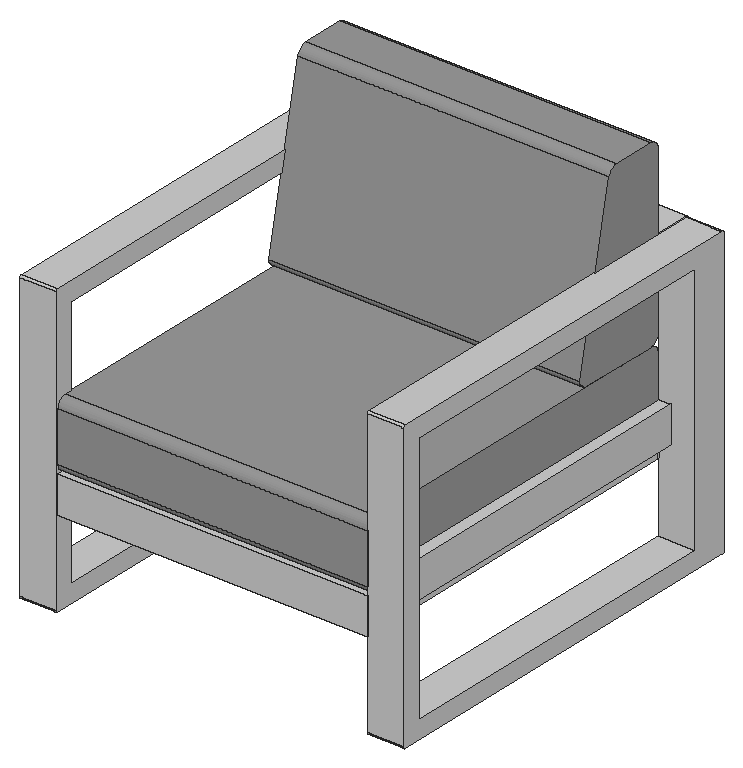
Revit family "Haworth_Janus_Matisse_StraightLoungeModule_NA", category Furniture, Revit 2019
Family settings
  OmniClass Number = 23.40.70.14.64.11
  OmniClass Title = Office Furniture
  Work Plane-Based = No
  Always vertical = Yes
  Cut with Voids When Loaded = No
  Shared = No
  Room Calculation Point = No
Parameters (values of type "Lounge Chair")
  Total Arm Width = if(and(Right Arm, Left Arm), 6", if(and(not(Right Arm), not(Left Arm)), 0", 3"))  # 6"
  Seat Width = Actual Width - Total Arm Width  # 25 1/2"
  Seat Finish [instance] = Haworth _ Fabric _ Undecided _ Seating _ Lounge Back
  Right Offset for Arm = if(Right Arm, 3", 0")  # 3"
  Right Arm = yes
  Note = "Verify Final Dim. w/ Haworth"  # constant formula
  Model = "Haworth - Janus - Matisse"  # constant formula
  Trim Finish [instance] = Haworth _ Paint _ Undecided _ Seating
  Left Offset for Arm = if(Left Arm, 3", 0")  # 3"
  Left Arm = yes
  Description = "Haworth - Janus - Matisse - Straight Lounge Module"  # constant formula
  URL = "https://www.haworth.com/"
  Revision Number = "1"  # constant formula
  Manufacturer = "Haworth"  # constant formula
  Author = "Haworth"  # constant formula
  Assembly Code = "E2020200"
  Actual Width = 31 1/2"
  Actual Height = 34 1/2"  # constant formula
  Actual Depth = 32 3/4"  # constant formula
Types (6): name | Total Arm Width | Seat Width | Right Offset for Arm | Right Arm | Left Offset for Arm | Left Arm | Actual Width
  Lounge Chair | 6" | 25 1/2" | 3" | yes | 3" | yes | 31 1/2"
  2-Seat Sofa | 6" | 50 3/4" | 3" | yes | 3" | yes | 56 3/4"
  1-Seat Module without Arms | 0" | 25 1/4" | 0" | no | 0" | no | 25 1/4"
  Wide 1-Seat Module without Arms | 0" | 36 1/4" | 0" | no | 0" | no | 36 1/4"
  2-Seat Module with Left Arm | 3" | 50 1/2" | 0" | no | 3" | yes | 53 1/2"
  2-Seat Module with Right Arm | 3" | 50 1/2" | 3" | yes | 0" | no | 53 1/2"
Reference planes (in)
  plane 1 "Center F/B": y = -7.34358
  plane 2: z = 0
  plane 3 "Top": z = 33.5
  plane 4 "Back": y = 9.03142
  plane 5 "Front": y = -23.71855
  plane 6: x = 4.88142
  plane 7 "Back Section 3": through (-15.69129, 20.87512, 104.31294) normal (0.9659, -0.2512, 0.0624)
  plane 8: x = -10.86858
  plane 9: x = 20.63142
  plane 10: x = -7.86858
  plane 11: x = 17.63142
Lines and regions (in)
  Masking region 1
    outline origin (0, 5.25006, 0) x (1, 0, 0) y (0, 1, 0)
      loop
        line (-10.86858, 3.78136) -> (-10.86858, -28.96861) -> (20.63142, -28.9687) -> (20.63142, 3.78136) -> (-10.86858, 3.78136)
  symbolic lines, visible <- "Right Arm"
    curve 1: line (-7.86858, 9.10104, 0) -> (-7.86858, -23.64888, 0)
  symbolic lines, visible <- "Left Arm"
    curve 2: line (17.63142, 9.10104, 0) -> (17.63142, -23.64888, 0)
  symbolic lines
    curve 3: line (-7.86858, -1.94997, 0) -> (17.63142, -1.94997, 0)
Dimensions and locks (in)
  plane 3 "Top" to level = 33 1/2"
  plane 5 "Front" to plane 1 "Center F/B" to plane 4 "Back" = 16.37493", 16.37502"
  equal spacing: plane 8, plane 6, plane 9
  "Actual Width": plane 8 to plane 9
  "Actual Depth": plane 5 "Front" to plane 4 "Back"
  "Right Offset for Arm": plane 8 to plane 10
  "Left Offset for Arm": plane 11 to plane 9
  aligned and locked: plane 1 "Center F/B" to nested 2
  aligned and locked: nested 3 to plane 1 "Center F/B"
  aligned and locked: plane 1 "Center F/B" to nested 1
  aligned and locked: nested 1 to plane 10
  aligned and locked: nested 2 to plane 10
  aligned and locked: nested 3 to plane 9
  aligned and locked: Masking region 1 sketch curve to plane 8
  aligned and locked: Masking region 1 sketch curve to plane 9
  aligned and locked: plane 5 "Front" to Masking region 1
  aligned and locked: plane 4 "Back" to Masking region 1
  aligned and locked: curve 1 to plane 10
  aligned and locked: plane 11 to curve 2
  aligned and locked: plane 10 to curve 3
  aligned and locked: plane 11 to curve 3
  aligned and locked: curve 3 to nested 1
Automatic sketch dimensions
  plane 5 "Front" to Masking region 1 sketch curve = 0"  (x2)
  Masking region 1 sketch curve to plane 4 "Back" = 0"
  curve 2 to plane 5 "Front" = 0.06975"
  curve 1 to plane 5 "Front" = 0.06968"
  plane 4 "Back" to curve 2 = 0.06962"
  plane 4 "Back" to curve 1 = 0.06962"
Nested families (in)
  nested 1: "Haworth_Janus_Matisse_LoungeChair_PART-MiddleSection" at (-0.00897, -0.00002, 0), Seat Finish <- "Seat Finish", Trim Finish <- "Trim Finish", Left Arm <- "Left Arm", Right Arm <- "Right Arm", type "Middle Section"
    with Trim Finish Haworth _ Paint _ Undecided _ Seating, Seat Finish Haworth _ Fabric _ Undecided _ Seating _ Lounge Back, Right Arm yes, No Right Arm no, No Left Arm no, Left Arm yes, Back Stretcher Offset Right 0", Back Stretcher Offset Left 0", Actual Width 25 1/2"
  nested 2: "Haworth_Janus_Matisse_LoungeChair_PART-Arm" at (-14.25611, -0.00002, 0), Trim Finish <- "Trim Finish", visible <- "Right Arm", type "Arm"
    with Trim Finish Haworth _ Paint _ Undecided _ Seating
  nested 3: "Haworth_Janus_Matisse_LoungeChair_PART-Arm" at (24.01284, -0.00002, 0) x (-1, 0, 0) z (0, 0, 1), Trim Finish <- "Trim Finish", visible <- "Left Arm", type "Arm"
    with Trim Finish Haworth _ Paint _ Undecided _ Seating
Definition of nested family "Haworth_Janus_Matisse_LoungeChair_PART-MiddleSection"
  Parameters (values of type "Middle Section")
    Seat Finish [instance] = none
    Right Arm [instance] = no
    Note = "Verify Final Dim. w/ Haworth"  # constant formula
    Model = "Haworth - Janus - Matisse"  # constant formula
    Trim Finish [instance] = none
    No Right Arm [instance] = not(Right Arm)  # yes
    No Left Arm [instance] = not(Left Arm)  # yes
    Left Arm [instance] = no
    Description = "Haworth - Janus - Matisse - Middle Section"  # constant formula
    URL = "https://www.haworth.com/"
    Revision Number = "1"  # constant formula
    Manufacturer = "Haworth"  # constant formula
    Back Stretcher Offset Right [instance] = if(Right Arm, 0", 1")  # 1"
    Back Stretcher Offset Left [instance] = if(Left Arm, 0", 1")  # 1"
    Author = "Haworth"  # constant formula
    Assembly Code = "E2020200"
    Actual Width = 20"
    Actual Height = 0"
    Actual Depth = 0"
  Reference planes (in)
    plane 1 "Center F/B": y = -7.34355
    plane 2: z = 0
    plane 3 "Top": z = 33.5
    plane 4 "Back": y = 9.03138
    plane 5 "Front": y = -23.71846
    plane 6: x = 4.89039
    plane 7 "Back Section 3": through (-15.69129, 20.87512, 104.31294) normal (0.9659, -0.2512, 0.0624)
    plane 8: x = -5.10961
    plane 9: x = 14.89039
    plane 10: x = 4.88142
    plane 11: y = 6.03856
    plane 12: x = -4.10961
    plane 13: x = 13.89039
  Forms (in)
    Extrusion 1, solid, material <- "Trim Finish"
      sketch origin (0, 9.03138, 0) x (-1, 0, 0) y (0, 0, 1)
        loop
          line (-14.89039, 24) -> (-14.89039, 23.0336) -> (5.10961, 22.9638) -> (5.10961, 24) -> (-14.89039, 24)
      from -2.99282 to 0
    Extrusion 2, solid, material <- "Trim Finish", visible <- "No Left Arm"
      sketch origin (0, 9.03138, 0) x (-1, 0, 0) y (0, 0, 1)
        loop
          line (-14.89039, 23.0336) -> (-14.89039, 0) -> (-13.89906, 0) -> (-13.89906, 23.0336) -> (-14.89039, 23.0336)
      from -2.99282 to 0
    Extrusion 3, solid, material <- "Trim Finish", visible <- "No Right Arm"
      sketch origin (9.76284, 9.03138, 0) x (1, 0, 0) y (0, 0, -1)
        loop
          line (-14.87245, -22.9638) -> (-13.88113, -22.9638) -> (-13.88113, 0) -> (-14.87245, 0) -> (-14.87245, -22.9638)
      from -2.99282 to 0
    Extrusion 4, solid, material <- "Trim Finish"
      sketch origin (0, 0, 0) x (1, 0, 0) y (0, 1, 0)
        loop
          line (-4.11496, -22.70385) -> (-4.11496, 6.03856) -> (-5.10961, 6.03856) -> (-5.10961, -23.71848) -> (14.89039, -23.71853) -> (14.89039, 6.03856) -> (13.88999, 6.03856) -> (13.88999, -22.70385) -> (-4.11496, -22.70385)
      from 7.50127 to 10.5
    Extrusion 5, solid, material <- "Trim Finish"
      sketch origin (0, 0, 0) x (1, 0, 0) y (0, 1, 0)
        loop
          line (-4.10961, 6.03856) -> (13.89039, 6.03856) -> (13.89039, 7.03856) -> (-4.10961, 7.03856) -> (-4.10961, 6.03856)
      from 7.50127 to 11.51619
    Extrusion 6, solid, material <- "Seat Finish"
      sketch origin (3.37515, -0.00002, 0) x (0, 0, 1) y (-0.000005, -1, 0)
        loop
          arc (30.99998, -1.7993) -> (30.80442, -1.31698) -> (30.35769, -1.04995) r 0.81882
          line (30.35769, -1.04995) -> (16.64229, 1.95005)
          arc (16.64229, 1.95005) -> (16.17312, 1.70217) -> (16, 1.20058) r 0.72217
          line (16, 1.20058) -> (16, -5.30063)
          arc (16, -5.30063) -> (16.18255, -5.79409) -> (16.64229, -6.04995) r 0.75824
          line (16.64229, -6.04995) -> (30.35769, -6.04995)
          arc (30.35769, -6.04995) -> (30.81744, -5.79408) -> (30.99998, -5.3006) r 0.75827
          line (30.99998, -5.3006) -> (30.99998, -1.7993)
      from -8.48477 to 11.51523
    Extrusion 7, solid, material <- "Seat Finish"
      sketch origin (3.37515, -0.00002, 0) x (0, 0, 1) y (-0.000005, -1, 0)
        loop
          arc (16, 22.89952) -> (15.78052, 23.42939) -> (15.25065, 23.64887) r 0.74935
          line (15.25065, 23.64887) -> (11.14231, 23.64887)
          arc (11.14231, 23.64887) -> (10.68256, 23.39299) -> (10.50001, 22.89952) r 0.75827
          line (10.50001, 22.89952) -> (10.50001, -5.28862)
          arc (10.50001, -5.28862) -> (10.71542, -5.81465) -> (11.2379, -6.03852) r 0.75
          line (11.2379, -6.03852) -> (15.26199, -6.03864)
          arc (15.26199, -6.03864) -> (15.78455, -5.81481) -> (16, -5.28874) r 0.75
          line (16, -5.28874) -> (16, 22.89952)
      from -8.48477 to 11.51523
    Extrusion 8, solid, material <- "Trim Finish", visible <- "No Left Arm"
      sketch origin (0, 0, 0) x (1, 0, 0) y (0, 1, 0)
        loop
          line (14.89039, -22.72839) -> (11.88039, -22.72839) -> (11.88039, -23.71838) -> (14.89039, -23.71837) -> (14.89039, -22.72839)
      from 0 to 7.50127
    Extrusion 9, solid, material <- "Trim Finish", visible <- "No Right Arm"
      sketch origin (0, 0, 0) x (1, 0, 0) y (0, 1, 0)
        loop
          line (-5.10961, -22.72849) -> (-5.10961, -23.71848) -> (-2.09961, -23.71849) -> (-2.09961, -22.72849) -> (-5.10961, -22.72849)
      from 0 to 7.50127
  Lines and regions (in)
    symbolic lines
      curve 1: line (-5.10961, 9.03138, 0) -> (14.89039, 9.03138, 0)
      curve 2: line (-5.10961, -23.71853, 0) -> (-5.10961, 9.03138, 0)
      curve 3: line (14.89039, -23.71853, 0) -> (-5.10961, -23.71853, 0)
      curve 4: line (14.89039, 9.03138, 0) -> (14.89039, -23.71853, 0)
      curve 5: line (-5.10961, -1.94995, 0) -> (14.89039, -1.94995, 0)
  Dimensions and locks (in)
    plane 3 "Top" to level = 33 1/2"
    equal spacing: plane 8, plane 6, plane 9
    "Actual Width": plane 8 to plane 9
    "Back Stretcher Offset Right": plane 8 to plane 12
    "Back Stretcher Offset Left": plane 13 to plane 9
    aligned and locked: plane 8 to Extrusion 6
    aligned and locked: plane 9 to Extrusion 6
    aligned and locked: plane 8 to Extrusion 7
    aligned and locked: plane 9 to Extrusion 7
    aligned and locked: Extrusion 9 sketch curve to plane 5 "Front"
    aligned and locked: Extrusion 9 sketch curve to plane 8
    aligned and locked: plane 13 to Extrusion 5
    aligned and locked: plane 12 to Extrusion 5
    aligned and locked: plane 8 to Extrusion 1
    aligned and locked: plane 9 to Extrusion 1
  Automatic sketch dimensions
    Extrusion 1 sketch curve to plane 9 = 0"
    Extrusion 1 sketch curve to plane 8 = 0"
    Extrusion 1 sketch curve to plane 3 "Top" = 10.5362"
    Extrusion 1 sketch curve to plane 3 "Top" = 10.4664"
    Extrusion 1 sketch curve to Extrusion 1 sketch curve = 0.9664"
    Extrusion 2 sketch curve to level = 0"
    Extrusion 2 sketch curve to plane 9 = 0"
    Extrusion 2 sketch curve to plane 9 = 0.99132"  (x2)
    Extrusion 2 sketch curve to plane 3 "Top" = 10.4664"
    Extrusion 3 sketch curve to level = 0"
    plane 8 to Extrusion 3 sketch curve = 0"
    Extrusion 3 sketch curve to Extrusion 3 sketch curve = 0.99132"  (x2)
    plane 3 "Top" to Extrusion 3 sketch curve = 10.5362"
    plane 5 "Front" to Extrusion 4 sketch curve = 0"  (x2)
    Extrusion 4 sketch curve to plane 8 = 0"
    plane 11 to Extrusion 4 sketch curve = 0"  (x2)
    Extrusion 4 sketch curve to plane 9 = 0"
    Extrusion 4 sketch curve to plane 8 = 0.99466"
    Extrusion 4 sketch curve to plane 9 = 1.00039"
    Extrusion 4 sketch curve to plane 5 "Front" = 1.01468"
    plane 11 to Extrusion 5 sketch curve = 0"
    Extrusion 5 sketch curve to plane 8 = 1"
    Extrusion 5 sketch curve to plane 9 = 1"
    Extrusion 5 sketch curve to Extrusion 5 sketch curve = 1"
    level to Extrusion 6 sketch curve = 16"
    Extrusion 6 sketch curve to Extrusion 6 sketch curve = 0.64229"  (x2)
    Extrusion 6 sketch curve to Extrusion 6 sketch curve = 0.72147"
    Extrusion 6 sketch curve to Extrusion 6 sketch curve = 0.11595"
    Extrusion 6 sketch curve to plane 3 "Top" = 3.31728"
    Extrusion 6 sketch curve to plane 3 "Top" = 3.25829"
    Extrusion 6 sketch curve to Extrusion 6 sketch curve = 0.17497"
    Extrusion 6 sketch curve to Extrusion 6 sketch curve = 0.11598"
    Extrusion 6 sketch curve to Extrusion 6 sketch curve = 0.75827"
    Extrusion 6 sketch curve to Extrusion 6 sketch curve = 3.45074"
    Extrusion 6 sketch curve to Extrusion 6 sketch curve = 0.05056"
    Extrusion 6 sketch curve to Extrusion 6 sketch curve = 6.50121"
    Extrusion 6 sketch curve to Extrusion 6 sketch curve = 0.03166"
    level to Extrusion 7 sketch curve = 10 1/2"
    Extrusion 7 sketch curve to Extrusion 7 sketch curve = 0.64229"
    Extrusion 7 sketch curve to Extrusion 7 sketch curve = 0.73789"
    Extrusion 7 sketch curve to Extrusion 7 sketch curve = 0.01211"
    Extrusion 7 sketch curve to Extrusion 7 sketch curve = 0.11598"
    Extrusion 7 sketch curve to Extrusion 7 sketch curve = 4"
    Extrusion 7 sketch curve to Extrusion 7 sketch curve = 3.99237"
    Extrusion 7 sketch curve to Extrusion 7 sketch curve = 0.01199"
    Extrusion 7 sketch curve to Extrusion 7 sketch curve = 3/4"
    Extrusion 7 sketch curve to Extrusion 7 sketch curve = 0.00012"
    Extrusion 7 sketch curve to Extrusion 7 sketch curve = 28.18826"
    Extrusion 8 sketch curve to plane 9 = 0"
    Extrusion 8 sketch curve to plane 9 = 3.01"
    Extrusion 8 sketch curve to plane 5 "Front" = 0.00014"
    Extrusion 8 sketch curve to plane 5 "Front" = 0.00016"
    Extrusion 8 sketch curve to Extrusion 8 sketch curve = 0.98999"
    curve 1 to plane 4 "Back" = 0"
    curve 5 to plane 8 = 0"
    curve 5 to plane 9 = 0"
    plane 5 "Front" to curve 3 = 0"
    curve 5 to plane 1 "Center F/B" = 5.39361"
    Extrusion 9 sketch curve to plane 8 = 3.01"
    Extrusion 9 sketch curve to plane 5 "Front" = 0.98999"
Definition of nested family "Haworth_Janus_Matisse_LoungeChair_PART-Arm"
  Parameters (values of type "Arm")
    Note = "Verify Final Dim. w/ Haworth"  # constant formula
    Model = "Haworth - Janus - Matisse"  # constant formula
    Trim Finish [instance] = none
    Description = "Haworth - Janus - Matisse - Arm"  # constant formula
    URL = "https://www.haworth.com/"
    Revision Number = "1"  # constant formula
    Manufacturer = "Haworth"  # constant formula
    Author = "Haworth"  # constant formula
    Assembly Code = "E2020200"
    Actual Width = 3"
    Actual Height = 0"
    Actual Depth = 0"
  Reference planes (in)
    plane 1 "Center F/B": y = -7.34355
    plane 2: z = 0
    plane 3 "Top": z = 33.5
    plane 4 "Back": y = 9.03138
    plane 5 "Front": y = -23.71846
    plane 6: x = 4.88142
    plane 7 "Back Section 3": through (-15.69129, 20.87512, 104.31294) normal (0.9659, -0.2512, 0.0624)
    plane 8: x = 3.38142
    plane 9: x = 6.38142
  Forms (in)
    Extrusion 1, solid, material <- "Trim Finish"
      sketch origin (3.37515, -0.00002, 0) x (0, 0, 1) y (-0.000005, -1, 0)
        loop
          line (23.99999, -8.88401) -> (24, 23.57103)
          arc (24, 23.57103) -> (23.95683, 23.67525) -> (23.85262, 23.71841) r 0.14738
          line (23.85262, 23.71841) -> (0.42949, 23.71841)
          arc (0.42949, 23.71841) -> (0.32528, 23.67525) -> (0.28211, 23.57103) r 0.14738
          line (0.28211, 23.57103) -> (0.2821, -8.87895)
          arc (0.2821, -8.87895) -> (0.33523, -8.9878) -> (0.44806, -9.03185) r 0.16651
          line (0.44806, -9.03185) -> (23.84047, -9.03185)
          arc (23.84047, -9.03185) -> (23.9525, -8.99276) -> (23.99999, -8.88401) r 0.14826
        loop
          line (22.50006, -6.10288) -> (22.50007, 22.2185) -> (1.78202, 22.2185) -> (1.78202, -6.10288) -> (22.50006, -6.10288)
      from 0.00627 to 3.00627
    Extrusion 2, solid, material <- "Trim Finish"
      sketch origin (3.37515, -0.00002, 0) x (0, 0, 1) y (-0.000005, -1, 0)
        loop
          line (11.82575, -6.10288) -> (11.82575, 22.23841) -> (8.82322, 22.23841) -> (8.82322, -6.10288) -> (11.82575, -6.10288)
      from 1.9976 to 3.01234
  Lines and regions (in)
    Masking region 1
      outline origin (0, 0, 0) x (1, 0, 0) y (0, 1, 0)
        loop
          line (3.38142, 9.03138) -> (3.38142, -23.71851) -> (6.38142, -23.71851) -> (6.38142, 9.03138) -> (3.38142, 9.03138)
  Dimensions and locks (in)
    plane 3 "Top" to level = 33 1/2"
    plane 5 "Front" to plane 1 "Center F/B" to plane 4 "Back" = 16.37491", 16.37494"
    equal spacing: plane 8, plane 6, plane 9
    "Actual Width": plane 8 to plane 9
    aligned and locked: plane 8 to Extrusion 1
    aligned and locked: plane 9 to Extrusion 1
  Automatic sketch dimensions
    Masking region 1 sketch curve to plane 8 = 0"
    plane 5 "Front" to Masking region 1 sketch curve = 0"
    Masking region 1 sketch curve to plane 9 = 0"
    Masking region 1 sketch curve to plane 4 "Back" = 0"
    level to Extrusion 1 sketch curve = 0.2821"
    level to Extrusion 1 sketch curve = 0.28211"
    Extrusion 1 sketch curve to Extrusion 1 sketch curve = 0.14738"  (x2)
    Extrusion 1 sketch curve to Extrusion 1 sketch curve = 0.16596"
    level to Extrusion 1 sketch curve = 1.78202"
    Extrusion 1 sketch curve to plane 3 "Top" = 10.99994"
    Extrusion 1 sketch curve to plane 3 "Top" = 10.99993"
    Extrusion 1 sketch curve to Extrusion 1 sketch curve = 1.34041"
    Extrusion 1 sketch curve to Extrusion 1 sketch curve = 0.01125"
    Extrusion 1 sketch curve to Extrusion 1 sketch curve = 1.35255"
    Extrusion 1 sketch curve to Extrusion 1 sketch curve = 0"  (x3)
    Extrusion 1 sketch curve to Extrusion 1 sketch curve = 0.14826"
    Extrusion 1 sketch curve to Extrusion 1 sketch curve = 0.1529"
    Extrusion 1 sketch curve to Extrusion 1 sketch curve = 2.78113"
    Extrusion 1 sketch curve to Extrusion 1 sketch curve = 28.32138"
    Extrusion 1 sketch curve to Extrusion 1 sketch curve = 1.35253"
    level to Extrusion 2 sketch curve = 8.82322"
    Extrusion 2 sketch curve to Extrusion 2 sketch curve = 3.00253"
    Extrusion 2 sketch curve to Extrusion 2 sketch curve = 28.34129"
